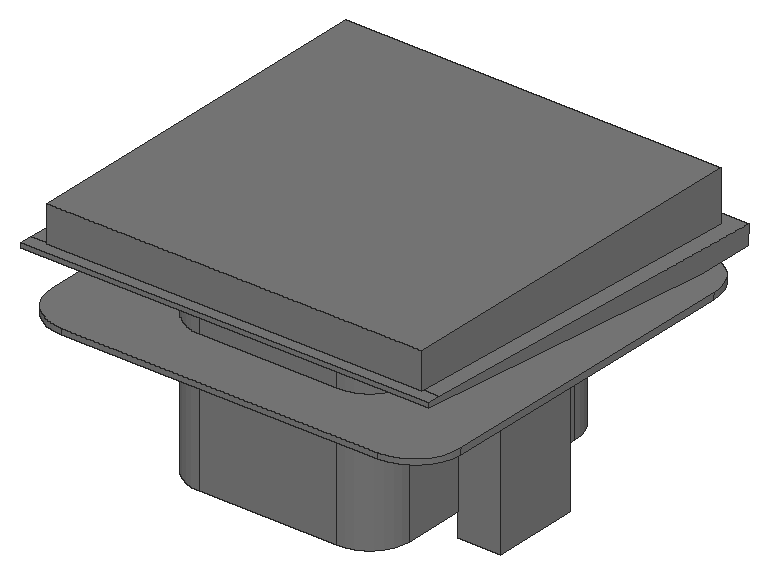
Revit family "Gira_126065", category Electrical Fixtures, host Face, Revit 2017
Family settings
  Host = Face
  Maintain Annotation Orientation = Yes
  Round Connector Dimension = Use Diameter
  Part Type = Normal
  Cut with Voids When Loaded = No
  Shared = No
  Room Calculation Point = No
Parameters (values of type "Türstation 1f UP Gira TX_44 (WG UP) F Alu")
  URL = "http://katalog.gira.de/de_DE/datenblatt.html?artikelnr=126065"
  Schutz gegen Vandalismus = "Yes"
  Region = "DE"
  Name = "Türstation 1f UP Gira TX_44 (WG UP) F Alu"
  Montageart = "unter Putz"
  Modulare Bauweise = "Yes"
  Mit Kamera = "No"
  Mit Infoschild = "Yes"
  Mit Abdeckung = "Yes"
  Manufacturer URL = "https://www.gira.de/"
  Keynote = "TX44_Komplettgerät_Schalten und Tasten"
  Installationstechnik = "Bus-System"
  HeinzeBIM = "https://bimportal.heinze.de/bim/tuerstation-1f-up-gira-tx-44-wg-up-f-alu/9f0f78a46f3b024d2d844e8ba3824c633bcbe667"
  HAN = "126065"
  GTIN = "4010337260653"
  Farbe = "silber"
  Default Elevation = 1219.2 mm
  Data sheet (1) = "https://katalog.gira.de/de_DE/download.html?artikelnr=126065"
  Category = "Türstation für Türkommunikation"
  Available = "Yes"
  Anzahl der Ruftasten = "1 "
Reference planes
  plane 1 "Center (Front/Back)": y = 0
  plane 2 "Reference Level 0": z = 0
  plane 3 "Center (Left/Right)": x = 0
  plane 4: z = -28.6
Forms (mm)
  Extrusion 1, solid, material "Default", detail levels fine
    sketch origin (0, 0, 0) x (1, 0, 0) y (0, 1, 0)
      loop
        line (-32.604, 32.5) -> (-32.604, -32.5) -> (32.735, -32.5) -> (32.735, 32.5) -> (-32.604, 32.5)
    from 0 to 12.3
  Extrusion 2, solid, material "Default", detail levels fine
    sketch origin (0, 0, 0) x (0, 1, 0) y (0, 0, 1)
      loop
        line (35, 3.483) -> (-32.2, 6) -> (-34.55, 6) -> (-34.536, 5.199) -> (24.886, 0) -> (34.939, 0) -> (35, 3.483)
    from -35.5 to 35.5
  Extrusion 3, void
    sketch origin (0, 0, 0) x (0, 1, 0) y (0, 0, 1)
      loop
        line (42.419, 3.205) -> (-32.2, 6) -> (-42.193, 6) -> (-42.193, -11.826) -> (42.419, -11.826) -> (42.419, 3.205)
    from -64.194 to 61.264
  Extrusion 4, solid, material "Default", detail levels fine
    sketch origin (0, 0, 0) x (1, 0, 0) y (0, 1, 0)
      loop
        arc (35.5, 27.5) -> (33.157, 33.157) -> (27.5, 35.5) r 8
        line (27.5, 35.5) -> (-27.5, 35.5)
        arc (-27.5, 35.5) -> (-33.157, 33.157) -> (-35.5, 27.5) r 8
        line (-35.5, 27.5) -> (-35.5, -27.5)
        arc (-35.5, -27.5) -> (-33.157, -33.157) -> (-27.5, -35.5) r 8
        line (-27.5, -35.5) -> (27.5, -35.5)
        arc (27.5, -35.5) -> (33.157, -33.157) -> (35.5, -27.5) r 8
        line (35.5, -27.5) -> (35.5, 27.5)
    from -4.1 to -5.1
  Extrusion 5, solid, material "Default", detail levels fine
    sketch origin (0, 0, 0) x (1, 0, 0) y (0, 1, 0)
      loop
        arc (-12, 25) -> (-16.95, 22.95) -> (-19, 18) r 7
        line (-19, 18) -> (-19, -18)
        arc (-19, -18) -> (-16.95, -22.95) -> (-12, -25) r 7
        line (-12, -25) -> (12, -25)
        arc (12, -25) -> (16.95, -22.95) -> (19, -18) r 7
        line (19, -18) -> (19, 18)
        arc (19, 18) -> (16.95, 22.95) -> (12, 25) r 7
        line (12, 25) -> (-12, 25)
    from 4.692 to -28.6
  Extrusion 6, solid, material "Default", detail levels fine
    sketch origin (0, 0, 0) x (1, 0, 0) y (0, 1, 0)
      loop
        line (-26.5, -7.5) -> (-19, -7.5) -> (-19, 7.5) -> (-26.5, 7.5) -> (-26.5, -7.5)
    from -5.1 to -32.6
  Extrusion 7, solid, material "Default", detail levels fine
    sketch origin (0, 0, 0) x (-1, 0, 0) y (0, -1, 0)
      loop
        line (-26.5, 7.5) -> (-26.5, -7.5) -> (-19, -7.5) -> (-19, 7.5) -> (-26.5, 7.5)
    from -5.1 to -32.6
  Extrusion 8, solid, material "Default", detail levels medium
    sketch origin (0, 0, 0) x (1, 0, 0) y (0, 1, 0)
      loop
        line (-32.604, 32.5) -> (-32.604, -32.5) -> (32.735, -32.5) -> (32.735, 32.5) -> (-32.604, 32.5)
    from 0 to 12.3
  Extrusion 9, solid, material "Default", detail levels medium
    sketch origin (0, 0, 0) x (0, 1, 0) y (0, 0, 1)
      loop
        line (35, 3.483) -> (-32.2, 6) -> (-34.55, 6) -> (-34.445, 0) -> (34.939, 0) -> (35, 3.483)
    from -35.5 to 35.5
  Extrusion 10, solid, material "Default", detail levels medium
    sketch origin (0, 0, 0) x (1, 0, 0) y (0, 1, 0)
      loop
        line (-26.5, 25) -> (-26.5, -25) -> (26.5, -25) -> (26.5, 25) -> (-26.5, 25)
    from 4.692 to -32.6
  Extrusion 11, solid, material "Default", detail levels medium
    sketch origin (0, 0, 0) x (1, 0, 0) y (0, 1, 0)
      loop
        line (35.5, 35.5) -> (-35.5, 35.5) -> (-35.5, -35.5) -> (35.5, -35.5) -> (35.5, 35.5)
    from -4.1 to -5.1
  Extrusion 12, solid, material "Default", detail levels coarse
    sketch origin (0, 0, 0) x (1, 0, 0) y (0, 1, 0)
      loop
        line (35.5, 35.5) -> (-35.5, 35.5) -> (-35.5, -35.5) -> (35.5, -35.5) -> (35.5, 35.5)
    from -32.6 to 12.3
Cuts and joins
  Extrusion 3 cuts Extrusion 1
  joined: Extrusion 1, Extrusion 2, Extrusion 4, Extrusion 5, Extrusion 6, Extrusion 7
Dimensions and locks
  Extrusion 12 to Extrusion 12 = 44.9 mm
  aligned and locked: plane 2 "Reference Level 0" to host face
  aligned and locked: level to host face
  aligned and locked: plane 3 "Center (Left/Right)" to nested 1
  aligned and locked: plane 1 "Center (Front/Back)" to nested 1
Nested families
  nested 1: "Schalter" at (0, 0, 0), type "Schalter"
Connectors
  electrical at (0, 0, -32.6)
    settings: on Extrusion 12, index 1, voltage 220 V, apparent load 0 VA, apparent load phase1 0 VA, apparent load phase2 0 VA, apparent load phase3 0 VA, power factor 1, load classification "Other", number of poles 1, system type 30, power factor state 1, is connector primary yes, connector utility no, sub classification motor no, connector description ""
Definition of nested family "Schalter"
  Reference planes
    plane 1: y = 0
    plane 2: x = 0
  Lines and regions (mm)
    detail lines
      curve 1: circle (1.375, 2.778, 0) r 0.8 normal (0, 0, 1)
      curve 2: line (1.021, 2.061, 0) -> (0, 0, 0)
      curve 3: line (0, 0, 0) -> (-0.538, 0.266, 0)
  Dimensions and locks
    curve 2 to curve 2 = 2.3 mm
    curve 3 to curve 2 = 0.6 mm
    radius of curve 1 = 0.8 mm
